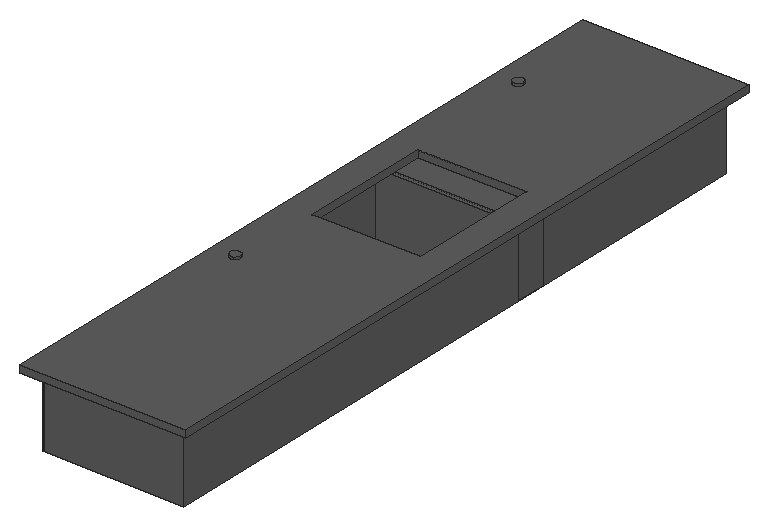
Revit family "rba-bim-rba7742-777-010", category Specialty Equipment, host Face, Revit 2018
Family settings
  Host = Face
  Round Connector Dimension = Use Diameter
  Part Type = Normal
  OmniClass Number = 23.40.20.21.17
  OmniClass Title = Paper Towel Dispensers, Disposal Units
  Cut with Voids When Loaded = No
  Shared = Yes
  Room Calculation Point = No
Parameters (values of type "RBA7742-777-010")
  URL = "www.rba.com.au"
  Type Comments = ""
  Product Page URL = ""
  Product Name = "Recessed Paper Towel Dispenser And Waste Receptacle - TrimLineSeries"
  Modified Issue = "20210813.01"
  Model = "RBA7742-777-010"
  Materials and Finishes = Stainless Steel, Matte Black
  Manufacturer = "RBA Group"  # constant formula
  Description = "Recessed Paper Towel Dispenser and Waste Receptacle"
  Default Elevation = 1.2192 m
  Copyright by = "RBA Group"  # constant formula
  Assembly Code = "C1030200"
  ADA Compliant = yes
Reference planes (m)
  plane 1 "Center (Front/Back)": y = 0
  plane 2: z = 0
  plane 3 "Center (Left/Right)": x = 0
  plane 4: x = -0.1651
  plane 5: x = 0.1651
  plane 6: y = 0.700087
  plane 7: y = -0.700088
  plane 8: x = 0.140494
  plane 9: x = -0.140494
  plane 10: y = 0.675481
  plane 11: y = -0.675481
  plane 12: y = -0.22225
  plane 13: y = -0.04445
  plane 14: y = 0.150812
  plane 15 "Center": y = 0.160337
  plane 16: y = 0.206375
  plane 17: y = 0.219075
  plane 18: y = 0.4826
  plane 19: x = -0.119062
  plane 20: x = 0.10795
  plane 21: x = -0.10795
  plane 22: z = -0.142875
  plane 23: z = 0.014287
  plane 24: z = -0.141288
  plane 25: z = 0.017462
Forms (m)
  Extrusion 1, void
    sketch origin (0, 0, 0) x (1, 0, 0) y (0, 1, 0)
      loop
        line (-0.140494, 0.675481) -> (-0.140494, -0.675481) -> (0.140494, -0.675481) -> (0.140494, 0.675481) -> (-0.140494, 0.675481)
    from -0.142875 to 0
  Extrusion 2, solid, material "Stainless Steel, Matte Black" <- "Materials and Finishes"
    sketch origin (0, 0, 0) x (1, 0, 0) y (0, 1, 0)
      loop
        line (-0.140494, 0.675481) -> (-0.140494, -0.675481) -> (0.140494, -0.675481) -> (0.140494, 0.675481) -> (-0.140494, 0.675481)
      loop
        line (-0.138906, 0.673894) -> (-0.138906, -0.673894) -> (0.138906, -0.673894) -> (0.138906, 0.673894) -> (-0.138906, 0.673894)
    from -0.142875 to 0
  Extrusion 3, solid, material "Stainless Steel, Matte Black" <- "Materials and Finishes"
    sketch origin (0, 0, 0) x (1, 0, 0) y (0, 1, 0)
      loop
        line (-0.140494, 0.675481) -> (-0.140494, -0.675481) -> (0.140494, -0.675481) -> (0.140494, 0.675481) -> (-0.140494, 0.675481)
    from -0.142875 to -0.141288
  Extrusion 4, solid, material "Stainless Steel, Matte Black" <- "Materials and Finishes"
    sketch origin (0, 0, 0) x (1, 0, 0) y (0, 1, 0)
      loop
        line (-0.1651, 0.700087) -> (-0.1651, -0.700088) -> (0.1651, -0.700088) -> (0.1651, 0.700087) -> (-0.1651, 0.700087)
      loop
        line (-0.10795, 0.219075) -> (-0.10795, -0.04445) -> (0.10795, -0.04445) -> (0.10795, 0.219075) -> (-0.10795, 0.219075)
    from 0 to 0.014287
  Extrusion 5, solid, material "Stainless Steel, Matte Black" <- "Materials and Finishes"
    sketch origin (0, 0, 0) x (1, 0, 0) y (0, 1, 0)
      loop
        line (-0.140494, 0.160337) -> (-0.140494, 0.150812) -> (0.140494, 0.150812) -> (0.140494, 0.160337) -> (-0.140494, 0.160337)
    from -0.141288 to 0
  Extrusion 6, solid, material "Stainless Steel, Matte Black" <- "Materials and Finishes", detail levels fine
    sketch origin (0, 0, 0) x (1, 0, 0) y (0, 1, 0)
      loop
        line (-0.140494, 0.219075) -> (-0.140494, 0.160337) -> (0.140494, 0.160337) -> (0.140494, 0.219075) -> (-0.140494, 0.219075)
    from -0.141288 to 0
  Extrusion 7, solid, material "Stainless Steel, Matte Black" <- "Materials and Finishes", detail levels fine
    sketch origin (0, 0, 0) x (1, 0, 0) y (0, 1, 0)
      loop
        circle (-0.119062, -0.22225) r 0.010319
    from 0.014287 to 0.017462
  Extrusion 8, solid, material "Stainless Steel, Matte Black" <- "Materials and Finishes", detail levels fine
    sketch origin (0, 0.70485, 0) x (1, 0, 0) y (0, 1, 0)
      loop
        circle (-0.119062, -0.22225) r 0.010319
    from 0.014287 to 0.017462
Cuts and joins
  joined: Extrusion 2, Extrusion 3, Extrusion 5
Lines and regions (m)
  Split face 1
    outline origin (0, 0, 0) x (1, 0, 0) y (0, 1, 0)
      loop
        line (-0.140494, 0.179387) -> (-0.077787, 0.179387)
        arc (-0.077787, 0.179387) -> (0, 0.206375) -> (0.077788, 0.179387) r 0.125599
        line (0.077788, 0.179387) -> (0.140494, 0.179387)
  Masking region 1
    outline origin (0, 0, 0.017462) x (1, 0, 0) y (0, 1, 0)
      loop
        line (-0.1651, 0.700087) -> (-0.1651, -0.700088) -> (0.1651, -0.700088) -> (0.1651, 0.700087) -> (-0.1651, 0.700087)
  Masking region 2
    outline origin (0, 0, 0) x (1, 0, 0) y (0, 0, 1)
      loop
        line (-0.1651, 0) -> (0.1651, 0) -> (0.1651, 0.014287) -> (-0.1651, 0.014287) -> (-0.1651, 0)
  Masking region 3, detail levels fine
    outline origin (0, 0, 0) x (1, 0, 0) y (0, 0, 1)
      loop
        line (-0.129381, 0.014287) -> (-0.108744, 0.014287) -> (-0.108744, 0.017462) -> (-0.129381, 0.017462) -> (-0.129381, 0.014287)
  Masking region 4
    outline origin (0, 0, 0) x (0, 1, 0) y (0, 0, 1)
      loop
        line (0.700087, 0) -> (0.700087, 0.014287) -> (-0.700088, 0.014287) -> (-0.700088, 0) -> (0.700087, 0)
  Masking region 5, detail levels fine
    outline origin (0, 0, 0) x (0, 1, 0) y (0, 0, 1)
      loop
        line (0.492919, 0.014287) -> (0.492919, 0.017462) -> (0.472281, 0.017462) -> (0.472281, 0.014287) -> (0.492919, 0.014287)
  Masking region 6, detail levels fine
    outline origin (0, 0, 0) x (0, 1, 0) y (0, 0, 1)
      loop
        line (-0.211931, 0.014287) -> (-0.211931, 0.017462) -> (-0.232569, 0.017462) -> (-0.232569, 0.014287) -> (-0.211931, 0.014287)
  model lines, detail levels fine
    curve 1: spline (-0.119062, -0.2286, 0.017462) -> (-0.119364, -0.228384, 0.017462) -> (-0.119645, -0.227749, 0.017462) -> (-0.119886, -0.22674, 0.017462) -> (-0.120071, -0.225425, 0.017462) -> (-0.120188, -0.223894, 0.017462) -> (-0.120227, -0.22225, 0.017462) -> (-0.120188, -0.220606, 0.017462) -> (-0.120071, -0.219075, 0.017462) -> (-0.119886, -0.21776, 0.017462) -> (-0.119645, -0.216751, 0.017462) -> (-0.119364, -0.216116, 0.017462) -> (-0.119062, -0.2159, 0.017462) -> (-0.118761, -0.216116, 0.017462) -> (-0.11848, -0.216751, 0.017462) -> (-0.118239, -0.21776, 0.017462) -> (-0.118054, -0.219075, 0.017462) -> (-0.117937, -0.220606, 0.017462) -> (-0.117898, -0.22225, 0.017462) -> (-0.117937, -0.223894, 0.017462) -> (-0.118054, -0.225425, 0.017462) -> (-0.118239, -0.22674, 0.017462) -> (-0.11848, -0.227749, 0.017462) -> (-0.118761, -0.228384, 0.017462) -> (-0.119062, -0.2286, 0.017462)
    curve 2: spline (-0.119062, 0.47625, 0.017462) -> (-0.119364, 0.476466, 0.017462) -> (-0.119645, 0.477101, 0.017462) -> (-0.119886, 0.47811, 0.017462) -> (-0.120071, 0.479425, 0.017462) -> (-0.120188, 0.480956, 0.017462) -> (-0.120227, 0.4826, 0.017462) -> (-0.120188, 0.484244, 0.017462) -> (-0.120071, 0.485775, 0.017462) -> (-0.119886, 0.48709, 0.017462) -> (-0.119645, 0.488099, 0.017462) -> (-0.119364, 0.488734, 0.017462) -> (-0.119062, 0.48895, 0.017462) -> (-0.118761, 0.488734, 0.017462) -> (-0.11848, 0.488099, 0.017462) -> (-0.118239, 0.48709, 0.017462) -> (-0.118054, 0.485775, 0.017462) -> (-0.117937, 0.484244, 0.017462) -> (-0.117898, 0.4826, 0.017462) -> (-0.117937, 0.480956, 0.017462) -> (-0.118054, 0.479425, 0.017462) -> (-0.118239, 0.47811, 0.017462) -> (-0.11848, 0.477101, 0.017462) -> (-0.118761, 0.476466, 0.017462) -> (-0.119062, 0.47625, 0.017462)
  symbolic lines, style "Paper Towel Dispenser", detail levels medium+fine
    curve 3: line (-0.10795, 0.219075, 0.017462) -> (0.10795, 0.219075, 0.017462)
    curve 4: line (-0.10795, -0.04445, 0.017462) -> (-0.10795, 0.219075, 0.017462)
    curve 5: line (0.10795, -0.04445, 0.017462) -> (-0.10795, -0.04445, 0.017462)
    curve 6: line (0.10795, 0.219075, 0.017462) -> (0.10795, -0.04445, 0.017462)
  symbolic lines, style "Paper Towel Dispenser", detail levels fine
    curve 7: line (-0.10795, 0.179387, 0.017462) -> (-0.077787, 0.179387, 0.017462)
    curve 8: arc (-0.077787, 0.179387, 0.017462) -> (0, 0.206375, 0.017462) -> (0.077788, 0.179387, 0.017462) r 0.125599
    curve 9: line (0.077788, 0.179387, 0.017462) -> (0.10795, 0.179387, 0.017462)
    curve 10: line (-0.10795, 0.160337, 0.017462) -> (0.10795, 0.160337, 0.017462)
    curve 11: line (-0.10795, 0.150812, 0.017462) -> (0.10795, 0.150812, 0.017462)
    curve 12: arc (-0.108744, 0.4826, 0.017462) -> (-0.119062, 0.492919, 0.017462) -> (-0.129381, 0.4826, 0.017462) r 0.010319
    curve 13: arc (-0.129381, 0.4826, 0.017462) -> (-0.119062, 0.472281, 0.017462) -> (-0.108744, 0.4826, 0.017462) r 0.010319
    curve 14: spline (-0.119062, 0.47625, 0.017462) -> (-0.119364, 0.476466, 0.017462) -> (-0.119645, 0.477101, 0.017462) -> (-0.119886, 0.47811, 0.017462) -> (-0.120071, 0.479425, 0.017462) -> (-0.120188, 0.480956, 0.017462) -> (-0.120227, 0.4826, 0.017462) -> (-0.120188, 0.484244, 0.017462) -> (-0.120071, 0.485775, 0.017462) -> (-0.119886, 0.48709, 0.017462) -> (-0.119645, 0.488099, 0.017462) -> (-0.119364, 0.488734, 0.017462) -> (-0.119062, 0.48895, 0.017462) -> (-0.118761, 0.488734, 0.017462) -> (-0.11848, 0.488099, 0.017462) -> (-0.118239, 0.48709, 0.017462) -> (-0.118054, 0.485775, 0.017462) -> (-0.117937, 0.484244, 0.017462) -> (-0.117898, 0.4826, 0.017462) -> (-0.117937, 0.480956, 0.017462) -> (-0.118054, 0.479425, 0.017462) -> (-0.118239, 0.47811, 0.017462) -> (-0.11848, 0.477101, 0.017462) -> (-0.118761, 0.476466, 0.017462) -> (-0.119062, 0.47625, 0.017462)
    curve 15: arc (-0.108744, -0.22225, 0.017462) -> (-0.119062, -0.211931, 0.017462) -> (-0.129381, -0.22225, 0.017462) r 0.010319
    curve 16: arc (-0.129381, -0.22225, 0.017462) -> (-0.119062, -0.232569, 0.017462) -> (-0.108744, -0.22225, 0.017462) r 0.010319
    curve 17: spline (-0.119062, -0.2286, 0.017462) -> (-0.119364, -0.228384, 0.017462) -> (-0.119645, -0.227749, 0.017462) -> (-0.119886, -0.22674, 0.017462) -> (-0.120071, -0.225425, 0.017462) -> (-0.120188, -0.223894, 0.017462) -> (-0.120227, -0.22225, 0.017462) -> (-0.120188, -0.220606, 0.017462) -> (-0.120071, -0.219075, 0.017462) -> (-0.119886, -0.21776, 0.017462) -> (-0.119645, -0.216751, 0.017462) -> (-0.119364, -0.216116, 0.017462) -> (-0.119062, -0.2159, 0.017462) -> (-0.118761, -0.216116, 0.017462) -> (-0.11848, -0.216751, 0.017462) -> (-0.118239, -0.21776, 0.017462) -> (-0.118054, -0.219075, 0.017462) -> (-0.117937, -0.220606, 0.017462) -> (-0.117898, -0.22225, 0.017462) -> (-0.117937, -0.223894, 0.017462) -> (-0.118054, -0.225425, 0.017462) -> (-0.118239, -0.22674, 0.017462) -> (-0.11848, -0.227749, 0.017462) -> (-0.118761, -0.228384, 0.017462) -> (-0.119062, -0.2286, 0.017462)
Dimensions and locks (m)
  equal spacing: plane 4, plane 3 "Center (Left/Right)", plane 5
  locked: plane 4 to plane 5 at 0.3302
  equal spacing: plane 6, plane 1 "Center (Front/Back)", plane 7
  locked: plane 6 to plane 7 at 1.400175
  equal spacing: plane 9, plane 3 "Center (Left/Right)", plane 8
  plane 9 to plane 8 = 0.280987 m
  locked: plane 6 to plane 10 at 0.024606
  locked: plane 7 to plane 11 at 0.024606
  locked: plane 7 to plane 12 at 0.477838
  locked: plane 7 to plane 13 at 0.655638
  locked: plane 13 to plane 14 at 0.195263
  locked: plane 14 to plane 15 "Center" at 0.009525
  locked: plane 15 "Center" to plane 16 at 0.046037
  locked: plane 16 to plane 17 at 0.0127
  locked: plane 6 to plane 18 at 0.217487
  plane 4 to plane 19 = 0.046037 m
  locked: plane 4 to plane 21 at 0.05715
  locked: plane 20 to plane 5 at 0.05715
  locked: plane 2 to plane 22 at 0.142875
  locked: plane 23 to plane 2 at 0.014288
  locked: Extrusion 2 sketch curve to Extrusion 2 sketch curve at 0.001587  (x2)
  locked: Extrusion 2 sketch curve to Extrusion 2 sketch curve at 0.001588  (x2)
  locked: plane 24 to plane 22 at 0.001588
  Extrusion 6 to Split face 1 sketch curve = 0.01905 m
  locked: plane 25 to plane 23 at 0.003175
  aligned and locked: host face to plane 2
  aligned and locked: level to host face
  aligned and locked: Extrusion 1 sketch curve to plane 10
  aligned and locked: plane 9 to Extrusion 1 sketch curve
  aligned and locked: Extrusion 1 sketch curve to plane 11
  aligned and locked: plane 8 to Extrusion 1 sketch curve
  aligned and locked: Extrusion 1 to plane 22
  aligned and locked: plane 2 to Extrusion 1
  aligned and locked: Extrusion 2 sketch curve to plane 10
  aligned and locked: plane 9 to Extrusion 2 sketch curve
  aligned and locked: Extrusion 2 sketch curve to plane 11
  aligned and locked: plane 8 to Extrusion 2 sketch curve
  aligned and locked: Extrusion 2 to plane 22
  aligned and locked: plane 2 to Extrusion 2
  aligned and locked: Extrusion 3 sketch curve to Extrusion 2  (x4)
  aligned and locked: Extrusion 3 to plane 22
  aligned and locked: plane 24 to Extrusion 3
  aligned and locked: Extrusion 4 sketch curve to plane 6
  aligned and locked: plane 4 to Extrusion 4 sketch curve
  aligned and locked: Extrusion 4 sketch curve to plane 7
  aligned and locked: plane 5 to Extrusion 4 sketch curve
  aligned and locked: plane 17 to Extrusion 4 sketch curve
  aligned and locked: plane 21 to Extrusion 4 sketch curve
  aligned and locked: Extrusion 4 sketch curve to plane 13
  aligned and locked: plane 20 to Extrusion 4 sketch curve
  aligned and locked: Extrusion 4 to plane 2
  aligned and locked: plane 23 to Extrusion 4
  aligned and locked: plane 15 "Center" to Extrusion 5 sketch curve
  aligned and locked: plane 9 to Extrusion 5 sketch curve
  aligned and locked: Extrusion 5 sketch curve to plane 14
  aligned and locked: plane 8 to Extrusion 5 sketch curve
  aligned and locked: Extrusion 5 to plane 24
  aligned and locked: plane 2 to Extrusion 5
  aligned and locked: plane 17 to Extrusion 6 sketch curve
  aligned and locked: Extrusion 6 sketch curve to plane 15 "Center"
  aligned and locked: Extrusion 6 to plane 24
  aligned and locked: plane 2 to Extrusion 6
  aligned and locked: Extrusion 7 to plane 23
  aligned and locked: plane 25 to Extrusion 7
  aligned and locked: Masking region 1 sketch curve to Extrusion 4  (x4)
  aligned and locked: curve 3 to Extrusion 4
  aligned and locked: curve 4 to Extrusion 4
  aligned and locked: curve 5 to Extrusion 4
  aligned and locked: curve 6 to Extrusion 4
  aligned and locked: Split face 1 to curve 7
  aligned and locked: curve 8 to Split face 1
  aligned and locked: curve 9 to Split face 1
  aligned and locked: plane 15 "Center" to curve 10
  aligned and locked: plane 14 to curve 11
  aligned and locked: curve 12 to Extrusion 8
  aligned and locked: curve 13 to Extrusion 8
  aligned and locked: curve 15 to Extrusion 7
  aligned and locked: curve 16 to Extrusion 7
  aligned and locked: Masking region 2 sketch curve to Extrusion 4  (x4)
  aligned and locked: Masking region 3 sketch curve to Extrusion 7  (x4)
  aligned and locked: Masking region 4 sketch curve to Extrusion 4  (x4)
  aligned and locked: Masking region 5 sketch curve to Extrusion 8  (x2)
  aligned and locked: Masking region 6 sketch curve to Extrusion 7  (x2)
Automatic sketch dimensions
  host sketch curve to host sketch curve = 2.4384 m  (x2)
  Extrusion 6 sketch curve to plane 9 = 0.000 m
  Extrusion 6 sketch curve to plane 8 = 0.000 m
  plane 12 to Extrusion 7 sketch curve = 0.000 m
  Extrusion 7 sketch curve to plane 19 = 0.000 m
  plane 18 to Extrusion 8 sketch curve = 0.000 m
  Extrusion 8 sketch curve to plane 19 = 0.000 m
  curve 2 to curve 2 = 0.00635 m
  Split face 1 sketch curve to Extrusion 6 = 0.000 m  (x2)
  Split face 1 sketch curve to Extrusion 6 = 0.062706 m  (x2)
  Extrusion 6 to Split face 1 sketch curve = 0.079562 m
  Split face 1 sketch curve to Split face 1 sketch curve = 0.077788 m
  curve 1 to curve 15 = 0.000 m  (x2)
  curve 14 to curve 12 = 0.000 m  (x2)
  curve 17 to curve 15 = 0.000 m  (x2)
  curve 17 to curve 17 = 0.00635 m
  curve 1 to curve 17 = 0.000 m
  curve 14 to curve 12 = 0.00635 m
  plane 18 to Masking region 5 sketch curve = 0.010319 m
  Masking region 5 sketch curve to plane 18 = 0.010319 m
  plane 12 to Masking region 6 sketch curve = 0.010319 m
  Masking region 6 sketch curve to plane 12 = 0.010319 m
  radius of Extrusion 7 sketch curve = 0.010319 m
  radius of Extrusion 8 sketch curve = 0.010319 m
